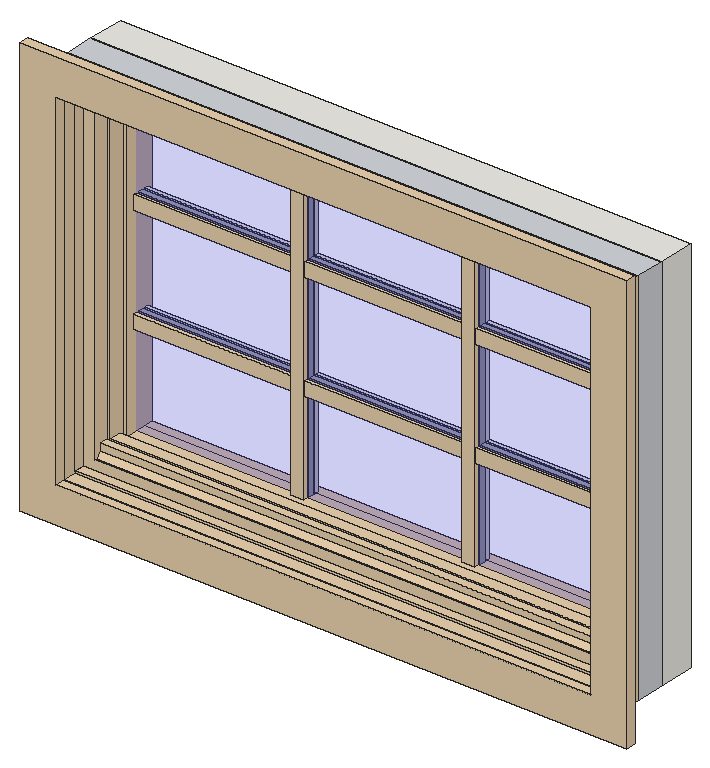
Revit family "1 Window-Awning-Andersen-400_Series_Single", category Windows, host Wall, Revit 2014
Parameters
  XPanelWidth = Width - 0' 0 31/32"  # 2' - 11 1/32"
  XPanelHeight = Height - 0' 1 1/8"  # 1' - 10 7/8"
  Visual Light Transmittance = 0.48  # constant formula
  Thermal Resistance (R) = 0.62871  # 3.5700 (h·ft²·°F)/BTU
  TFL = if(Fractional Lights High > 5, 3, if(or(Fractional Lights High = 4, Fractional Lights High = 5), 2, if(or(Fractional Lights High = 2, Fractional Lights High = 3), 1, 1)))  # 2
  TFB = TFL - 1  # 1
  Solar Heat Gain Coefficient = 0.21  # constant formula
  Learn About These Parameters = "http://www.andersenwindows.com/for-professionals/cad-symbols-bim-support-window-doors/bim-support"
  LWide = if(Enter Pattern Number = 3, 3, if(Enter Pattern Number = 1, . . Lights Wide, Fractional Lights Wide))  # 3
  Heat Transfer Coefficient (U) = 1.5899  # 0.2800 BTU/(h·ft²·°F)
  Handing Visibility = if(and(Width > 4' 11 7/8", Height > 2' 7 1/2"), 0 = 1, 1 = 1)  # yes
  Glazing Material = Glass ‐ Andersen - Low-E4 SmartSun
  Fractional Lights Wide = 3
  Fractional Lights High = 5
  Exterior Unit Finish = Vinyl - Andersen - White
  Enter Jamb Condition = 1
  Analytic Construction = "<None>"
  ..Jamb Condition Number 1 = "Extension Jamb Only"  # constant formula
  ..Jamb Condition Number 2 = "Narrow Drywall Return"  # constant formula
  ..Jamb Condition Number 3 = "Wide Drywall Return"  # constant formula
  Available Grille Bar Sizes = "3/4'', 7/8'', 1 1/8'', 2 1/4''"  # constant formula
  Between Glass Grille Bar Sizes = "3/4'', 1''"  # constant formula
  Interior Casing = yes
  Grille Bar Size = 0' - 0 7/8"
  Enter Pattern Number = 1
  ..Pattern Number 1 = "Colonial"  # constant formula
  . . Lights Wide = 3
  . . Lights High = 3
  ..Pattern Number 2 = "Modified Colonial"  # constant formula
  ..Pattern Number 3 = "Prairie"  # constant formula
  ..Pattern Number 4 = "Short Fractional"  # constant formula
  ..Pattern Number 5 = "Tall Fractional"  # constant formula
  Extension Jamb = yes
  Enter Exterior Trim Number = 0
  ..Exterior Trim Number 0 = "No Exterior Trim"  # constant formula
  ..Exterior Trim Number 1 = "Brick Mould"  # constant formula
  ..Exterior Trim Number 2 = "3 1/2'' Flat Casing"  # constant formula
  ..Exterior Trim Number 3 = "4 1/2'' Flat Casing"  # constant formula
  Interior Grille Bar = yes
  Exterior Grille Bar = yes
  Between Glass Grille Bar = yes
  xjamb Visibility [instance] = and(and(Enter Jamb Condition = 1, Wall Depth > 0' 2 7/8"), Extension Jamb)  # yes
  xjamb S1 [instance] = if(Wall Depth > 0' 3", Wall Depth - 0' 2 27/32", 0' 3")  # 0' - 1 23/32"
  sill nose1 = 0' - 1 13/16"  # constant formula
  sill nose 2 = 0' - 1 15/16"  # constant formula
  casingS2 = if(Enter Exterior Trim Number = 1, 0' 0 3/16", 0' 0 3/16")  # 0' - 0 3/16"
  casingS1 = if(Enter Exterior Trim Number = 1, 0' 0 7/16", 0' 0 3/16")  # 0' - 0 3/16"
  casing4 = if(Enter Exterior Trim Number = 1, 0' 1 3/4", if(Enter Exterior Trim Number = 2, 0' 3 1/4", 0' 4 1/4"))  # 0' - 4 1/4"
  casing3 = 0' - 0 1/2"  # constant formula
  casing2 = 0' - 0 7/8"  # constant formula
  casing1 = 0' - 0 1/4"  # constant formula
  Xjamb 2 = if(or(Enter Jamb Condition = 2, Enter Jamb Condition = 3), 0' 0 1/32", 0' 0 1/2")  # 0' - 0 1/2"
  Xjamb 1 = if(or(Enter Jamb Condition = 2, Enter Jamb Condition = 3), 0' 0 5/8", 0' 1 3/32")  # 0' - 1 3/32"
  Wall Thickness [instance] = 0' - 6"
  Wall Depth [instance] = 0' - 4 9/16"
  Void Offset 2 = if(Enter Exterior Trim Number > 0, 0' 1 15/16", 0' 0")  # 0' - 0"
  Void Offset 1 = if(Enter Exterior Trim Number > 0, casing4, 0' 0")  # 0' - 0"
  Void Depth [instance] = if(Wall Thickness > Wall Depth, 0' 1" + Wall Thickness - Wall Depth, 0' 1")  # 0' - 2 7/16"
  VeriLock Sensor [instance] = no
  VGB DLO = if(Enter Pattern Number = 3, 0' 4", (H DLO - (Grille Bar Size * (V Bars))) / if(LWide > 2, LWide, 3))  # 0' - 9.91667"
  V Bars = if(Enter Pattern Number = 3, 2, if(LWide > 2, LWide - 1, 2))  # 2
  URL = "www.andersenwindows.com"
  Type Comments = "Vinyl-clad wood awning window"
  TS V DLO = Height - HGO - SGO  # 1' - 7 3/8"
  TS V Bar Length = if(or(Enter Pattern Number = 5, Enter Pattern Number = 2), ((((Height - HGO - SGO - (Grille Bar Size * (Fractional Lights High - 1))) / Fractional Lights High)) * TFL) + (TFB * Grille Bar Size), if(Enter Pattern Number = 4, ((Height - HGO - SGO - (Grille Bar Size * (Fractional Lights High - 1))) / Fractional Lights High), Height - HGO - SGO))  # 1' - 7 3/8"
  TS SH DLO = if(or(Enter Pattern Number = 5, Enter Pattern Number = 2), ((((Height - HGO - SGO - (Grille Bar Size * (Fractional Lights High - 1))) / Fractional Lights High)) * TFL) + (TFB * Grille Bar Size) + HGO + (Grille Bar Size / 2), if(Enter Pattern Number = 4, TS V Bar Length + HGO + (Grille Bar Size / 2), (TS V DLO / 2) + HGO))  # 1' - 0 1/16"
  TS S V = or(and(LWide = 2, Enter Pattern Number = 1), and(Fractional Lights Wide = 2, or(or(Enter Pattern Number = 2, Enter Pattern Number = 4), Enter Pattern Number = 5)))  # no
  TS S H Craftsman = and(Enter Pattern Number = 2, or(Fractional Lights High = 4, Fractional Lights High = 5))  # no
  TS S H = or(or(or(and(. . Lights High = 2, Enter Pattern Number = 1), and(Enter Pattern Number = 4, Fractional Lights High > 1)), and(Enter Pattern Number = 5, Fractional Lights High > 1)), and(Enter Pattern Number = 2, Fractional Lights High > 1))  # no
  TS M V = LWide > 2  # yes
  TS M H = or(or(Enter Pattern Number = 3, and(. . Lights High > 2, Enter Pattern Number = 1)), and(Enter Pattern Number = 2, Fractional Lights High > 5))  # yes
  TS HGB DLO = if(Enter Pattern Number = 1, if(. . Lights High > 2, ((TS V Bar Length - (Grille Bar Size * (. . Lights High - 1))) / . . Lights High), 0' 4"), if(Enter Pattern Number = 3, 0' 4", if(Fractional Lights High > 2, ((TS V Bar Length - (Grille Bar Size * 2)) / 3), 0' 4")))  # 0' - 5 7/8"
  TS H Bars = if(Enter Pattern Number = 3, 2, if(Enter Pattern Number = 1, if(. . Lights High > 2, . . Lights High - 1, 2), 2))  # 2
  Step Visibility = or(Enter Jamb Condition = 2, Enter Jamb Condition = 3)  # no
  Step Jamb2 = if(Enter Jamb Condition = 2, 0' 0 1/4", 0' 0 13/16")  # 0' - 0 13/16"
  Step Jamb1 = 0' - 1 1/8"  # constant formula
  Sill Stop Dim [instance] = 0' - 2 1/2"
  SGO = 0' - 2 1/4"  # constant formula
  Rough Width = Width + (Rough Opening Offset * 2)  # 3' - 0 1/2"
  Rough Opening Offset = 0' - 0 1/4"
  Rough Height = Height + (Rough Opening Offset * 2)  # 2' - 0 1/2"
  Push Out Stop Visibility [instance] = no
  Product Documentation Link = "https://www.andersenwindows.com/windows-and-doors/windows/awning-windows/400-series-awning-window/"
  Plan Exterior Mask Visibility [instance] = Plan Exterior Mask 2 > 0' 0 1/32"  # yes
  Plan Exterior Mask 2 [instance] = if(Enter Exterior Trim Number > 0, if(Wall Depth + 0' 1 1/16" + casingS1 > Wall Thickness, 0' 0 1/32", Wall Thickness - Wall Depth - 0' 1 1/16" - casingS1), if(Wall Depth + 0' 1 1/16" > Wall Thickness, 0' 0 1/32", Wall Thickness - Wall Depth - 0' 0 1/16"))  # 0' - 1 3/8"
  Plan Exterior Mask [instance] = if(Enter Exterior Trim Number > 0, 0' 1 1/16" + casingS1, 0' 1 1/16")  # 0' - 1 1/16"
  Nail Fin Visibility = Enter Exterior Trim Number = 0  # yes
  Model = "400-Series Awning"  # constant formula
  Masonry Width = if(Enter Exterior Trim Number > 0, Width + ((casing4 + Masonry Opening Offset) * 2), Width + (Masonry Opening Offset * 2))  # 3' - 0 1/2"
  Masonry Opening Offset = 0' - 0 1/4"
  Masonry Height = if(Enter Exterior Trim Number > 0, Height + (casing4 + Masonry Opening Offset) + (sill nose 2 + Masonry Opening Offset), Height + (Masonry Opening Offset * 2))  # 2' - 0 1/2"
  Manufacturer = "Andersen Corporation"  # constant formula
  JGO = 0' - 2 1/4"  # constant formula
  Interior Trim Visibility = and(Enter Jamb Condition = 1, Interior Casing)  # yes
  Interior Material = Wood - Andersen - Pine
  Interior Casing Size = 0' - 2 1/4"
  Horizontal Craftsman Bar Size = 0' - 0 7/8"
  Height = 2' - 0"
  Head Stop Dim [instance] = 0' - 2 17/64"
  HGO = 0' - 2 3/8"  # constant formula
  H DLO = Width - (JGO * 2)  # 2' - 7 1/2"
  Family Version = "01.01.19"  # constant formula
  Exterior Trim Finish = Fibrex Composite - Andersen - White
  Designation = "CMT"
  Description = "Vinyl-clad wood awning window"  # constant formula
  Default Sill Height = 6' 10 1/2" - Rough Height  # 4' - 10"
  Wall Closure = By host
  Width = 3' - 0"
  Crank Out Stop Visibility [instance] = yes
  Coarse Plan [instance] = if(Wall Depth < Wall Thickness, Wall Depth, Wall Thickness)  # 0' - 4 9/16"
  Casing Visibility = Enter Exterior Trim Number > 0  # no
  Between Glass Grille Bar Finish = Stainless Steel - Andersen - Standard
  Bar Center Line = if(Enter Pattern Number = 3, 1, 2)  # 2
  Assembly Code = "B2020100"
Reference planes (in)
  plane 1 "Center (Front/Back)": y = 0
  plane 2: z = 0
  plane 3 "Center (Left/Right)": x = 0
  plane 4 "R Frame": x = -18
  plane 5 "L Frame": x = 18
  plane 6 "B Frame": z = 58.25
  plane 7 "T Frame": z = 82.25
  plane 8 "L Glazing": x = 15.75
  plane 9 "L Ext Frame": x = 17.514
  plane 10 "L Stop": x = 16
  plane 11 "L Xjamb 1": x = 16.90625
  plane 12 "L Casing 1": x = 17.75
  plane 13 "L Xjamb 2": x = 17.5
  plane 14 "L Rough Opening": x = 18.25
  plane 15 "L Casing 2": x = 21.375
  plane 16 "L Casing 3": x = 21.75
  plane 17 "L Casing 4": x = 22.25
  plane 18 "R Glazing": x = -15.75
  plane 19 "R Ext Frame": x = -17.514
  plane 20 "R Stop": x = -16
  plane 21 "R Xjamb 1": x = -16.90625
  plane 22 "R Casing 1": x = -17.75
  plane 23 "R Xjamb 2": x = -17.5
  plane 24 "R Rough Opening": x = -18.25
  plane 25 "R Casing 2": x = -21.375
  plane 26 "R Casing 3": x = -21.75
  plane 27 "R Casing 4": x = -22.25
  plane 28 "R Int Casing": x = -19.15625
  plane 29 "T Ext Frame": z = 81.68689
  plane 30 "T Xjamb 1": z = 81.15625
  plane 31 "T Casing 1": z = 82
  plane 32 "T Xjamb 2": z = 81.75
  plane 33 "T Rough Opening": z = 82.5
  plane 34 "T Casing 2": z = 85.625
  plane 35 "T Casing 3": z = 86
  plane 36 "T Casing 4": z = 86.5
  plane 37 "T Int Casing": z = 83.40625
  plane 38 "B Ext Frame": z = 58.81311
  plane 39 "B Xjamb 2": z = 58.75
  plane 40 "B Casing 1": z = 58.5
  plane 41 "B Casing 2": z = 56.3125
  plane 42 "B Int Casing": z = 56.985
  plane 43 "L Int Casing": x = 19.15625
  plane 44 "Casing S1": y = 3.062
  plane 45 "Casing S2": y = 3.062
  plane 46 "Frame S1": y = 2.8745
  plane 47 "Flange": y = 1.5625
  plane 48 "Sash1 S2": y = 0.5625
  plane 49 "Frame S2": y = -1.2855
  plane 50 "B Xjamb 1": z = 59.235
  plane 51 "Exterior Offset": y = 4
  plane 52 "Interior Casing": y = -3.625
  plane 53 "B Rough Opening": z = 58
  plane 54 "R Masonry Opening": x = -22.5
  plane 55 "L Masonry Opening": x = 22.5
  plane 56 "T Masonry Opening": z = 86.75
  plane 57 "B Masonry Opening": z = 56.0625
  plane 58 "Xjamb S1": y = -1.28125
  plane 59 "R Sash": x = -17.42
  plane 60 "L Sash": x = 17.42
  plane 61 "Stop S1": y = -1.4375
  plane 62 "T Sash": z = 81.5
  plane 63 "T Int Frame": z = 81.14
  plane 64 "B Int Frame": z = 59.235
  plane 65 "L Int Frame": x = 16.891
  plane 66 "R Int Frame": x = -16.891
  plane 67 "T Stop": z = 79.98437
  plane 68 "B Stop": z = 60.75
Forms (in)
  Extrusion 1, void
    sketch origin (0, 0, 0) x (1, 0, 0) y (0, 0, 1)
      loop
        line (18, 82.25) -> (-18, 82.25) -> (-18, 58.25) -> (18, 58.25) -> (18, 82.25)
    from -1.5625 to 3
  Extrusion 2, void
    sketch origin (0, 0, 0) x (1, 0, 0) y (0, 0, 1)
      loop
        line (18, 82.25) -> (-18, 82.25) -> (-18, 58.25) -> (18, 58.25) -> (18, 82.25)
    from -15 to -1.5625
  Extrusion 3, solid, material "Wood - Andersen - Pine" <- "Interior Material", visible <- "xjamb Visibility", detail levels medium+fine
    sketch origin (0, -2.5625, 0) x (-1, 0, 0) y (0, 0, 1)
      loop
        line (17.5, 81.75) -> (-17.5, 81.75) -> (-17.5, 58.75) -> (17.5, 58.75) -> (17.5, 81.75)
      loop
        line (16.90625, 81.15625) -> (-16.90625, 81.15625) -> (-16.90625, 59.235) -> (16.90625, 59.235) -> (16.90625, 81.15625)
    from 1.28125 to -0.4375
  Extrusion 4, solid, material "Wood - Andersen - Pine" <- "Interior Material", visible <- "Interior Trim Visibility", detail levels fine
    sketch origin (0, -3.625, 0) x (-1, 0, 0) y (0, 0, 1)
      loop
        line (19.15625, 83.40625) -> (-19.15625, 83.40625) -> (-19.15625, 56.985) -> (19.15625, 56.985) -> (19.15625, 83.40625)
      loop
        line (16.90625, 81.15625) -> (-16.90625, 81.15625) -> (-16.90625, 59.235) -> (16.90625, 59.235) -> (16.90625, 81.15625)
    from 0 to 0.625
  Extrusion 5, solid, material "Fibrex Composite - Andersen - White" <- "Exterior Trim Finish", visible <- "Casing Visibility", detail levels medium+fine
    sketch origin (0, 0, 0) x (0, 1, 0) y (0, 0, 1)
      loop
        line (2.31163, 58.25) -> (1.5625, 58.25) -> (1.5625, 56.3125) -> (3.375, 56.3125) -> (3.375, 58.0625) -> (2.31163, 58.25)
    from -22.25 to 22.25
  Sweep 6, solid, material "Fibrex Composite - Andersen - White" <- "Exterior Trim Finish", visible <- "Casing Visibility", detail levels medium+fine
    path origin (0, 1.5625, 0) x (-1, 0, 0) y (0, 0, 1)
      loop
        line (-22.25, 56.3125) -> (-22.25, 86.5) -> (22.25, 86.5) -> (22.25, 56.3125)
    profile origin (22.25, 1.5625, 71.40625) x (1, 0, 0) y (0, 1, 0)
      loop
        line (-0.875, 1.4995) -> (-4.5, 1.4995) -> (-4.5, 0) -> (0, 0) -> (0, 1.4995) -> (-0.5, 1.4995) -> (-0.875, 1.4995)
  Extrusion 7, solid, material "Fibrex Composite - Andersen - White" <- "Exterior Trim Finish", visible <- "Casing Visibility", detail levels coarse
    sketch origin (0, 1.5625, 0) x (-1, 0, 0) y (0, 0, 1)
      loop
        line (-22.25, 86.5) -> (-22.25, 56.3125) -> (22.25, 56.3125) -> (22.25, 86.5) -> (-22.25, 86.5)
      loop
        line (-17.75, 82) -> (-17.75, 58.25) -> (17.75, 58.25) -> (17.75, 82) -> (-17.75, 82)
    from 0 to 1.4995
  Extrusion 8, solid, material "Vinyl - Andersen - White" <- "Exterior Unit Finish"
    sketch origin (0, 0, 0) x (1, 0, 0) y (0, 0, 1)
      loop
        line (18, 82.25) -> (-18, 82.25) -> (-18, 58.25) -> (18, 58.25) -> (18, 82.25)
      loop
        line (17.514, 81.68689) -> (-17.514, 81.68689) -> (-17.514, 58.81311) -> (17.514, 58.81311) -> (17.514, 81.68689)
    from -2.8745 to -0.5625
  Extrusion 9, solid
    sketch origin (0, 0, 0) x (1, 0, 0) y (0, 0, 1)
      loop
        line (18, 82.25) -> (-18, 82.25) -> (-18, 58.25) -> (18, 58.25) -> (18, 82.25)
      loop
        line (16.891, 81.14) -> (-16.891, 81.14) -> (-16.891, 59.235) -> (16.891, 59.235) -> (16.891, 81.14)
    from -0.5625 to 1.2855
  Extrusion 10, solid, material "Wood - Andersen - Pine" <- "Interior Material"
    sketch origin (0, 0, 0) x (0, 1, 0) y (0, 0, 1)
      loop
        line (-0.4375, 60.75) -> (-0.4375, 60.673) -> (-1.00544, 60.673) -> (-1.00544, 60.26216) -> (-1.2885, 59.922) -> (-1.4375, 59.922) -> (-1.4375, 59.235) -> (0.5625, 59.235) -> (0.5625, 60.47) -> (0.2955, 60.75) -> (-0.4375, 60.75)
    from -16.891 to 16.891
  Extrusion 11, solid, material "Wood - Andersen - Pine" <- "Interior Material"
    sketch origin (0, 0, 0) x (1, 0, 0) y (0, 1, 0)
      loop
        line (-16.891, -1.4375) -> (-16.188, -1.4375) -> (-16.188, -0.4375) -> (-16, -0.4375) -> (-16, 0.5625) -> (-16.891, 0.5625) -> (-16.891, -1.4375)
      loop
        line (16.891, -1.4375) -> (16.891, 0.5625) -> (16, 0.5625) -> (16, -0.4375) -> (16.188, -0.4375) -> (16.188, -1.4375) -> (16.891, -1.4375)
    from 59.235 to 81.14
  Sweep 12, solid, material "Wood - Andersen - Pine" <- "Interior Material"
    path origin (0, 1.5625, 0) x (-1, 0, 0) y (0, 0, 1)
      loop
        line (18, 58.25) -> (18, 82.25) -> (-18, 82.25) -> (-18, 58.25) -> (18, 58.25)
    profile origin (-18, 1.5625, 70.25) x (1, 0, 0) y (0, 1, 0)
      loop
        line (0, -2.848) -> (0, -3.6605) -> (1.09375, -3.6605) -> (1.09375, -2.848) -> (0, -2.848)
  Extrusion 13, solid, material "Wood - Andersen - Pine" <- "Interior Material"
    sketch origin (0, 0, 0) x (0, 1, 0) y (0, 0, 1)
      loop
        line (-1.4375, 81.14) -> (-1.4375, 80.345) -> (-0.4375, 80.345) -> (-0.4375, 79.98437) -> (0.5625, 79.98437) -> (0.5625, 81.14) -> (-1.4375, 81.14)
    from -16.891 to 16.891
Cuts and joins
  joined: Extrusion 5, Sweep 6
  joined: Extrusion 10, Extrusion 11, Sweep 12, Extrusion 13
Lines and regions (in)
  Masking region 1, detail levels medium+fine
    outline origin (0, 0, 58.81311) x (0, -1, 0) y (1, 0, 0)
      loop
        line (-2.8745, -18) -> (1.2855, -18) -> (1.2855, -16.891) -> (1.4375, -16.891) -> (1.4375, 16.891) -> (1.2855, 16.891) -> (1.2855, 18) -> (-2.8745, 18) -> (-2.8745, -18)
  Masking region 2, visible <- "Casing Visibility", detail levels medium+fine
    outline origin (0, 0, 58.25) x (0, -1, 0) y (1, 0, 0)
      loop
        line (-2.8745, -18) -> (-2.8745, 18) -> (-1.5625, 18) -> (-1.5625, 22.25) -> (-3.062, 22.25) -> (-3.062, -22.25) -> (-1.5625, -22.25) -> (-1.5625, -18) -> (-2.8745, -18)
  Masking region 3, visible <- "Nail Fin Visibility", detail levels coarse
    outline origin (0, 0, 58.25) x (0, -1, 0) y (1, 0, 0)
      loop
        line (-4, -18) -> (3, -18) -> (3, 18) -> (-4, 18) -> (-4, -18)
  Masking region 4
    outline origin (0, 0, 0) x (0, 1, 0) y (0, 0, 1)
      loop
        line (2.8745, 82.25) -> (-1.2855, 82.25) -> (-1.2855, 81.14) -> (-1.4375, 81.14) -> (-1.4375, 59.235) -> (-1.2855, 59.235) -> (-1.2855, 58.25) -> (2.8745, 58.25) -> (2.8745, 82.25)
  Masking region 5, visible <- "Casing Visibility"
    outline origin (0, 0, 0) x (0, 1, 0) y (0, 0, 1)
      loop
        line (2.8745, 58.15075) -> (2.8745, 58.25) -> (1.5625, 58.25) -> (1.5625, 56.3125) -> (3.375, 56.3125) -> (3.375, 58.0625) -> (2.8745, 58.15075)
  Masking region 6, visible <- "Casing Visibility"
    outline origin (0, 0, 0) x (0, 1, 0) y (0, 0, 1)
      loop
        line (2.8745, 82.25) -> (2.8745, 58.15075) -> (3.062, 58.11769) -> (3.062, 86.5) -> (1.5625, 86.5) -> (1.5625, 82.25) -> (2.8745, 82.25)
  Masking region 7, visible <- "Casing Visibility", detail levels coarse
    outline origin (0, 0, 58.25) x (0, -1, 0) y (1, 0, 0)
      loop
        line (-4, -22.25) -> (-1.5625, -22.25) -> (-1.5625, -18) -> (3, -18) -> (3, 18) -> (-1.5625, 18) -> (-1.5625, 22.25) -> (-4, 22.25) -> (-4, -22.25)
  Masking region 8, visible <- "Step Visibility", detail levels medium+fine
    outline origin (0, 0, 0) x (0, 1, 0) y (0, 0, 1)
      loop
        line (-1.28125, 82.25) -> (-2.098, 82.25) -> (-2.098, 58.25) -> (-1.28125, 58.25) -> (-1.28125, 59.235) -> (-1.4375, 59.235) -> (-1.4375, 81.14) -> (-1.28125, 81.14) -> (-1.28125, 82.25)
  Masking region 9, visible <- "xjamb Visibility", detail levels medium+fine
    outline origin (0, 0, 0) x (0, 1, 0) y (0, 0, 1)
      loop
        line (-1.28125, 81.75) -> (-3, 81.75) -> (-3, 58.75) -> (-1.28125, 58.75) -> (-1.28125, 59.235) -> (-1.4375, 59.235) -> (-1.4375, 81.14) -> (-1.28125, 81.14) -> (-1.28125, 81.75)
  Masking region 10, visible <- "Interior Trim Visibility", detail levels fine
    outline origin (0, 0, 0) x (0, 1, 0) y (0, 0, 1)
      loop
        line (-3, 83.40625) -> (-3.625, 83.40625) -> (-3.625, 56.985) -> (-3, 56.985) -> (-3, 83.40625)
  Masking region 11, visible <- "Step Visibility", detail levels medium+fine
    outline origin (0, 0, 58.25) x (0, -1, 0) y (1, 0, 0)
      loop
        line (1.28125, -18) -> (2.098, -18) -> (2.098, 18) -> (1.28125, 18) -> (1.28125, 16.891) -> (1.4375, 16.891) -> (1.4375, -16.891) -> (1.28125, -16.891) -> (1.28125, -18)
  Masking region 12, visible <- "xjamb Visibility", detail levels medium+fine
    outline origin (0, 0, 58.25) x (0, -1, 0) y (1, 0, 0)
      loop
        line (1.28125, -17.5) -> (3, -17.5) -> (3, 17.5) -> (1.28125, 17.5) -> (1.28125, 16.891) -> (1.4375, 16.891) -> (1.4375, -16.891) -> (1.28125, -16.891) -> (1.28125, -17.5)
  Masking region 13, visible <- "Interior Trim Visibility", detail levels fine
    outline origin (0, 0, 58.25) x (0, -1, 0) y (1, 0, 0)
      loop
        line (3, -19.15625) -> (3.625, -19.15625) -> (3.625, 19.15625) -> (3, 19.15625) -> (3, -19.15625)
  symbolic lines, style "WindowsFrameMullionProjection", visible <- "Casing Visibility", detail levels fine
    curve 1: line (21.75, 3.062, 58.25) -> (21.375, 3.062, 58.25)
    curve 2: line (21.375, 3.062, 58.25) -> (17.75, 3.062, 58.25)
    curve 3: line (17.75, 3.062, 58.25) -> (17.75, 2.8745, 58.25)
    curve 4: line (-21.75, 3.062, 58.25) -> (-21.375, 3.062, 58.25)
    curve 5: line (-21.375, 3.062, 58.25) -> (-17.75, 3.062, 58.25)
    curve 6: line (-17.75, 3.062, 58.25) -> (-17.75, 2.8745, 58.25)
  symbolic lines, style "WindowsFrameMullionProjection", detail levels medium
    curve 7: line (-17.514, 2.8745, 58.25) -> (-17.514, 0.5625, 58.25)
    curve 8: line (17.514, 2.8745, 58.25) -> (17.514, 0.5625, 58.25)
    curve 66: line (17.514, 0.5625, 0) -> (16, 0.5625, 0)
    curve 67: line (16, 0.5625, 0) -> (16, -1.4375, 0)
    curve 68: line (-17.514, 0.5625, 0) -> (-16, 0.5625, 0)
    curve 69: line (-16, 0.5625, 0) -> (-16, -1.4375, 0)
  symbolic lines, style "WindowsFrameMullionProjection", detail levels coarse
    curve 9: line (-16, -3, 58.25) -> (-16, 4, 58.25)
    curve 10: line (16, -3, 58.25) -> (16, 4, 58.25)
  symbolic lines, style "WindowsGlassProjection", detail levels coarse
    curve 11: line (-16, 0, 58.25) -> (16, 0, 58.25)
    curve 12: line (-16, 1, 58.25) -> (16, 1, 58.25)
  symbolic lines, style "WindowsFrameMullionProjection", visible <- "Casing Visibility"
    curve 13: line (0, 3.062, 86) -> (0, 3.062, 85.625)
    curve 14: line (0, 3.062, 85.625) -> (0, 3.062, 82)
    curve 15: line (0, 3.062, 82) -> (0, 2.8745, 82)
    curve 184: line (-22.25, 3.062, 58.25) -> (-22.25, 1.5625, 58.25)
    curve 186: line (22.25, 3.062, 58.25) -> (22.25, 1.5625, 58.25)
    curve 188: line (0, 3.062, 86.5) -> (0, 1.5625, 86.5)
    curve 190: line (0, 3.062, 56.3125) -> (0, 1.5625, 56.3125)
  symbolic lines, style "WindowsFrameMullionProjection", visible <- "Casing Visibility", detail levels medium
    curve 16: line (-18, 2.8745, 58.25) -> (-18, 3.062, 58.25)
    curve 17: line (18, 3.062, 58.25) -> (18, 2.8745, 58.25)
  symbolic lines, style "WindowsFrameMullionProjection", visible <- "Nail Fin Visibility", detail levels medium+fine
    curve 18: line (-18, 1.5625, 0) -> (-19.5, 1.5625, 0)
    curve 50: line (18, 1.5625, 0) -> (19.5, 1.5625, 0)
  symbolic lines, style "WindowsFrameMullionProjection", detail levels fine
    curve 19: line (-16.891, -1.4375, 0) -> (-16.891, 1.0895, 0)
    curve 20: line (-16, 0.5625, 0) -> (-16, -0.505, 0)
    curve 21: line (-17.19253, 1.0895, 0) -> (-17.31813, 1.9375, 0)
    curve 22: line (-17.03384, 1.3805, 0) -> (-17.03384, 2.0625, 0)
    curve 23: line (-17.34196, 2.0625, 0) -> (-17.42, 2.3755, 0)
    curve 24: line (-17.42, 2.3755, 0) -> (-17.42, 2.5625, 0)
    curve 25: line (-17.42, 2.5625, 0) -> (-16.42814, 2.5625, 0)
    curve 28: line (-16, 0.5625, 0) -> (-15.75, 1.2845, 0)
    curve 40: line (-16.375, 2.3125, 0) -> (-16.375, 1.2845, 0)
    curve 41: line (-16.01883, 2.3125, 0) -> (-15.75, 1.9105, 0)
    curve 46: line (-15.87475, 1.3805, 0) -> (-15.87475, 1.8145, 0)
    curve 51: line (16.891, -1.4375, 0) -> (16.891, 1.0895, 0)
    curve 52: line (16, 0.5625, 0) -> (16, -0.505, 0)
    curve 53: line (17.19253, 1.0895, 0) -> (17.31813, 1.9375, 0)
    curve 54: line (17.03384, 1.3805, 0) -> (17.03384, 2.0625, 0)
    curve 55: line (17.34196, 2.0625, 0) -> (17.42, 2.3755, 0)
    curve 56: line (17.42, 2.3755, 0) -> (17.42, 2.5625, 0)
    curve 57: line (17.42, 2.5625, 0) -> (16.42814, 2.5625, 0)
    curve 60: line (16, 0.5625, 0) -> (15.75, 1.2845, 0)
    curve 61: line (16.375, 2.3125, 0) -> (16.375, 1.2845, 0)
    curve 62: line (16.01883, 2.3125, 0) -> (15.75, 1.9105, 0)
    curve 65: line (15.87475, 1.3805, 0) -> (15.87475, 1.8145, 0)
    curve 84: line (0, 1.8145, 80.01044) -> (0, 1.3805, 80.01044)
    curve 90: line (-16, -0.505, 0) -> (-16.36, -0.505, 0)
    curve 91: line (-16.36, -0.505, 0) -> (-16.36, -1.4375, 0)
    curve 94: line (16, -0.505, 0) -> (16.36, -0.505, 0)
    curve 95: line (16.36, -0.505, 0) -> (16.36, -1.4375, 0)
    curve 109: line (-17.45476, 1.9375, 0) -> (-17.514, 2.3375, 0)
    curve 110: line (-17.31813, 1.9375, 0) -> (-17.45476, 1.9375, 0)
    curve 111: line (-16.6, 0.5625, 0) -> (-16.775, 1.3805, 0)
    curve 112: line (-16.375, 2.3125, 0) -> (-16.01883, 2.3125, 0)
    curve 113: line (-17.34196, 2.0625, 0) -> (-17.03384, 2.0625, 0)
    curve 114: line (-17.03384, 1.3805, 0) -> (-16.775, 1.3805, 0)
    curve 115: line (-16.891, 0.5625, 0) -> (-16, 0.5625, 0)
    curve 116: line (-17.19253, 1.0895, 0) -> (-16.891, 1.0895, 0)
    curve 125: line (17.45476, 1.9375, 0) -> (17.514, 2.3375, 0)
    curve 126: line (17.31813, 1.9375, 0) -> (17.45476, 1.9375, 0)
    curve 127: line (16.6, 0.5625, 0) -> (16.775, 1.3805, 0)
    curve 128: line (16.375, 2.3125, 0) -> (16.01883, 2.3125, 0)
    curve 129: line (17.34196, 2.0625, 0) -> (17.03384, 2.0625, 0)
    curve 130: line (17.03384, 1.3805, 0) -> (16.775, 1.3805, 0)
    curve 131: line (16.891, 0.5625, 0) -> (16, 0.5625, 0)
    curve 132: line (17.19253, 1.0895, 0) -> (16.891, 1.0895, 0)
    curve 133: line (-17.514, 2.3375, 0) -> (-17.514, 2.8745, 0)
    curve 135: line (17.514, 2.3375, 0) -> (17.514, 2.8745, 0)
    curve 136: line (-16.42814, 2.5625, 0) -> (-16.375, 2.3125, 0)
    curve 138: line (16.42814, 2.5625, 0) -> (16.375, 2.3125, 0)
    curve 163: line (0, 1.8145, 60.36456) -> (0, 1.3805, 60.36456)
  symbolic lines, style "WindowsGlassProjection", detail levels fine
    curve 26: line (-15.75, 1.9105, 0) -> (-16.375, 1.9105, 0)
    curve 27: line (-15.75, 1.2845, 0) -> (-16.375, 1.2845, 0)
    curve 44: line (-15.75, 1.8145, 0) -> (-16.375, 1.8145, 0)
    curve 45: line (-15.75, 1.3805, 0) -> (-16.375, 1.3805, 0)
    curve 58: line (15.75, 1.9105, 0) -> (16.375, 1.9105, 0)
    curve 59: line (15.75, 1.2845, 0) -> (16.375, 1.2845, 0)
    curve 63: line (15.75, 1.8145, 0) -> (16.375, 1.8145, 0)
    curve 64: line (15.75, 1.3805, 0) -> (16.375, 1.3805, 0)
    curve 82: line (0, 1.8145, 80.364) -> (0, 1.8145, 79.875)
    curve 83: line (0, 1.3805, 80.364) -> (0, 1.3805, 79.875)
    curve 161: line (0, 1.8145, 60.011) -> (0, 1.8145, 60.5)
    curve 162: line (0, 1.3805, 60.011) -> (0, 1.3805, 60.5)
  symbolic lines, style "WindowsFrameMullionProjection", visible <- "Nail Fin Visibility", not visible, detail levels medium+fine
    curve 29: line (-35.18862, 120.69666, 0) -> (-36.68862, 120.69666, 0)
  symbolic lines, style "WindowsFrameMullionProjection", not visible, detail levels fine
    curve 30: line (-34.07962, 117.69666, 0) -> (-34.07962, 120.22366, 0)
    curve 31: line (-33.18862, 119.69666, 0) -> (-33.18862, 118.62916, 0)
    curve 32: line (-34.38115, 120.22366, 0) -> (-34.50674, 121.07166, 0)
    curve 33: line (-34.22246, 120.51466, 0) -> (-34.22246, 121.19666, 0)
    curve 34: line (-34.53058, 121.19666, 0) -> (-34.60862, 121.50966, 0)
    curve 35: line (-34.60862, 121.50966, 0) -> (-34.60862, 121.69666, 0)
    curve 36: line (-34.60862, 121.69666, 0) -> (-33.61676, 121.69666, 0)
    curve 39: line (-33.18862, 119.69666, 0) -> (-32.93862, 120.41866, 0)
    curve 42: line (-33.56362, 121.44666, 0) -> (-33.56362, 120.41866, 0)
    curve 43: line (-33.20744, 121.44666, 0) -> (-32.93862, 121.04466, 0)
    curve 49: line (-33.06337, 120.51466, 0) -> (-33.06337, 120.94866, 0)
    curve 92: line (-33.18862, 118.62916, 0) -> (-33.54862, 118.62916, 0)
    curve 93: line (-33.54862, 118.62916, 0) -> (-33.54862, 117.69666, 0)
    curve 117: line (-34.64338, 121.07166, 0) -> (-34.70262, 121.47166, 0)
    curve 118: line (-34.50674, 121.07166, 0) -> (-34.64338, 121.07166, 0)
    curve 119: line (-33.78862, 119.69666, 0) -> (-33.96362, 120.51466, 0)
    curve 120: line (-33.56362, 121.44666, 0) -> (-33.20744, 121.44666, 0)
    curve 121: line (-34.53058, 121.19666, 0) -> (-34.22246, 121.19666, 0)
    curve 122: line (-34.22246, 120.51466, 0) -> (-33.96362, 120.51466, 0)
    curve 123: line (-34.07962, 119.69666, 0) -> (-33.18862, 119.69666, 0)
    curve 124: line (-34.38115, 120.22366, 0) -> (-34.07962, 120.22366, 0)
    curve 134: line (-34.70262, 121.47166, 0) -> (-34.70262, 122.00866, 0)
    curve 137: line (-33.61676, 121.69666, 0) -> (-33.56362, 121.44666, 0)
    curve 207: line (0, 1.8145, 48.36456) -> (0, 1.3805, 48.36456)
    curve 242: line (0, 1.8145, 80.01044) -> (0, 1.3805, 80.01044)
  symbolic lines, style "WindowsGlassProjection", not visible, detail levels fine
    curve 37: line (-32.93862, 121.04466, 0) -> (-33.56362, 121.04466, 0)
    curve 38: line (-32.93862, 120.41866, 0) -> (-33.56362, 120.41866, 0)
    curve 47: line (-32.93862, 120.94866, 0) -> (-33.56362, 120.94866, 0)
    curve 48: line (-32.93862, 120.51466, 0) -> (-33.56362, 120.51466, 0)
    curve 205: line (0, 1.8145, 48.011) -> (0, 1.8145, 48.5)
    curve 206: line (0, 1.3805, 48.011) -> (0, 1.3805, 48.5)
    curve 240: line (0, 1.8145, 80.364) -> (0, 1.8145, 79.875)
    curve 241: line (0, 1.3805, 80.364) -> (0, 1.3805, 79.875)
  symbolic lines, style "WindowsFrameMullionProjection"
    curve 70: line (0, 1.1115, 81.597) -> (0, 2.63553, 81.597)
    curve 71: line (0, 1.1115, 80.89) -> (0, 1.1115, 81.597)
    curve 72: line (0, -1.4375, 81.14) -> (0, -1.0925, 81.14)
    curve 73: line (0, 0.5625, 79.984) -> (0, -0.4375, 79.984)
    curve 74: line (0, 2.0625, 81.064) -> (0, 1.2185, 81.064)
    curve 75: line (0, 0.5625, 80.89) -> (0, 0.5625, 79.984)
    curve 76: line (0, 1.2845, 80.364) -> (0, 2.2815, 80.364)
    curve 78: line (0, 2.5625, 80.417) -> (0, 2.5625, 81.501)
    curve 79: line (0, 2.5625, 81.501) -> (0, 2.3755, 81.501)
    curve 80: line (0, 2.0625, 81.345) -> (0, 2.0625, 81.064)
    curve 81: line (0, 1.2845, 79.875) -> (0, 0.5625, 80.065)
    curve 85: line (0, 2.2815, 80.364) -> (0, 2.2815, 80.13145)
    curve 86: line (0, 2.2815, 80.13145) -> (0, 1.9105, 79.8812)
    curve 139: line (0, 2.5625, 80.417) -> (0, 2.2815, 80.364)
    curve 140: line (0, 2.3755, 81.501) -> (0, 2.0625, 81.345)
    curve 141: line (0, 1.2185, 81.064) -> (0, 1.2185, 80.8018)
    curve 142: line (0, 1.2185, 80.8018) -> (0, 0.5625, 80.673)
    curve 143: line (0, 2.63553, 81.68689) -> (0, 2.8745, 81.68689)
    curve 144: line (0, 2.63553, 81.68689) -> (0, 2.63553, 81.597)
    curve 145: line (0, 1.1115, 80.89) -> (0, -1.0925, 80.89)
    curve 146: line (0, -1.0925, 81.14) -> (0, -1.0925, 80.89)
    curve 147: line (0, -0.4375, 80.345) -> (0, -0.4375, 79.984)
    curve 148: line (0, -0.4375, 80.345) -> (0, -1.4375, 80.345)
    curve 149: line (0, 1.1115, 58.778) -> (0, 2.63553, 58.778)
    curve 150: line (0, 1.1115, 59.485) -> (0, 1.1115, 58.778)
    curve 151: line (0, -1.4375, 59.235) -> (0, -1.0925, 59.235)
    curve 152: line (0, -1.00544, 60.673) -> (0, -1.00544, 60.26216)
    curve 153: line (0, 2.0625, 59.311) -> (0, 1.2185, 59.311)
    curve 154: line (0, 0.5625, 59.702) -> (0, 0.5625, 60.47)
    curve 155: line (0, 1.2845, 60.011) -> (0, 2.2815, 60.011)
    curve 157: line (0, 2.5625, 59.958) -> (0, 2.5625, 58.874)
    curve 158: line (0, 2.5625, 58.874) -> (0, 2.3755, 58.874)
    curve 159: line (0, 2.0625, 59.03) -> (0, 2.0625, 59.311)
    curve 160: line (0, 1.2845, 60.5) -> (0, 0.5625, 60.375)
    curve 164: line (0, 2.2815, 60.011) -> (0, 2.2815, 60.24355)
    curve 165: line (0, 2.2815, 60.24355) -> (0, 1.9105, 60.4938)
    curve 167: line (0, 2.5625, 59.958) -> (0, 2.2815, 60.011)
    curve 168: line (0, 2.3755, 58.874) -> (0, 2.0625, 59.03)
    curve 169: line (0, 1.2185, 59.311) -> (0, 1.2185, 59.5732)
    curve 170: line (0, 1.2185, 59.5732) -> (0, 0.5625, 59.702)
    curve 171: line (0, 2.63553, 58.68811) -> (0, 2.8745, 58.68811)
    curve 172: line (0, 2.63553, 58.68811) -> (0, 2.63553, 58.778)
    curve 173: line (0, 1.1115, 59.485) -> (0, -1.0925, 59.485)
    curve 174: line (0, -1.0925, 59.235) -> (0, -1.0925, 59.485)
    curve 175: line (0, -1.2885, 59.922) -> (0, -1.00544, 60.26216)
    curve 176: line (0, -1.2885, 59.922) -> (0, -1.4375, 59.922)
    curve 177: line (0, -1.00544, 60.673) -> (0, -0.4375, 60.673)
    curve 178: line (0, -0.4375, 60.673) -> (0, -0.4375, 60.75)
    curve 179: line (0, 0.2955, 60.75) -> (0, -0.4375, 60.75)
    curve 180: line (0, 0.5625, 60.47) -> (0, 0.2955, 60.75)
    curve 181: line (0, 0.5625, 60.377) -> (0, -0.4845, 60.377)
    curve 182: line (0, -0.7345, 60.189) -> (0, -0.7345, 59.485)
    curve 183: line (0, -0.7345, 60.189) -> (0, -0.4845, 60.377)
    curve 185: line (-18, 1.5625, 58.25) -> (-18, -1.2855, 58.25)
    curve 187: line (18, 1.5625, 58.25) -> (18, -1.2855, 58.25)
    curve 189: line (0, 2.8745, 82.25) -> (0, -1.2855, 82.25)
    curve 191: line (0, 2.8745, 58.25) -> (0, -1.2855, 58.25)
  symbolic lines, style "WindowsGlassProjection"
    curve 77: line (0, 1.2845, 79.875) -> (0, 1.2845, 80.364)
    curve 87: line (0, 1.9105, 79.8812) -> (0, 1.9105, 80.364)
    curve 156: line (0, 1.2845, 60.5) -> (0, 1.2845, 60.011)
    curve 166: line (0, 1.9105, 60.4938) -> (0, 1.9105, 60.011)
  symbolic lines, style "WindowsFrameMullionProjection", visible <- "Nail Fin Visibility"
    curve 88: line (0, 1.5625, 83.875) -> (0, 1.5625, 82.25)
    curve 89: line (0, 1.5625, 58.25) -> (0, 1.5625, 56.625)
  symbolic lines, style "InvisibleLines", detail levels coarse
    curve 96: line (-18, -3, 0) -> (18, -3, 0)
  symbolic lines, style "WindowsFrameMullionProjection", visible <- "Step Visibility", detail levels medium+fine
    curve 97: line (0, -1.28125, 81.14) -> (0, -2.098, 81.14)
    curve 100: line (0, -1.28125, 59.235) -> (0, -2.098, 59.235)
    curve 103: line (-16.891, -1.28125, 58.25) -> (-16.891, -2.098, 58.25)
    curve 106: line (16.891, -1.28125, 58.25) -> (16.891, -2.098, 58.25)
  symbolic lines, style "WindowsFrameMullionProjection", visible <- "xjamb Visibility", detail levels medium+fine
    curve 98: line (0, -1.28125, 81.15625) -> (0, -3, 81.15625)
    curve 101: line (0, -1.28125, 59.235) -> (0, -3, 59.235)
    curve 104: line (-16.90625, -1.28125, 58.25) -> (-16.90625, -3, 58.25)
    curve 107: line (16.90625, -1.28125, 58.25) -> (16.90625, -3, 58.25)
  symbolic lines, style "WindowsFrameMullionProjection", visible <- "Interior Trim Visibility", detail levels fine
    curve 99: line (0, -3, 81.15625) -> (0, -3.625, 81.15625)
    curve 102: line (0, -3, 59.235) -> (0, -3.625, 59.235)
    curve 105: line (-16.90625, -3, 58.25) -> (-16.90625, -3.625, 58.25)
    curve 108: line (16.90625, -3, 58.25) -> (16.90625, -3.625, 58.25)
  symbolic lines, style "WindowsFrameMullionProjection", visible <- "Nail Fin Visibility", not visible
    curve 192: line (0, 1.5625, 46.25) -> (0, 1.5625, 44.625)
    curve 246: line (0, 1.5625, 83.875) -> (0, 1.5625, 82.25)
  symbolic lines, style "WindowsFrameMullionProjection", not visible
    curve 193: line (0, 1.1115, 46.778) -> (0, 2.63553, 46.778)
    curve 194: line (0, 1.1115, 47.485) -> (0, 1.1115, 46.778)
    curve 195: line (0, -1.4375, 47.235) -> (0, -1.0925, 47.235)
    curve 196: line (0, -1.00544, 48.673) -> (0, -1.00544, 48.26216)
    curve 197: line (0, 2.0625, 47.311) -> (0, 1.2185, 47.311)
    curve 198: line (0, 0.5625, 47.702) -> (0, 0.5625, 48.47)
    curve 199: line (0, 1.2845, 48.011) -> (0, 2.2815, 48.011)
    curve 201: line (0, 2.5625, 47.958) -> (0, 2.5625, 46.874)
    curve 202: line (0, 2.5625, 46.874) -> (0, 2.3755, 46.874)
    curve 203: line (0, 2.0625, 47.03) -> (0, 2.0625, 47.311)
    curve 204: line (0, 1.2845, 48.5) -> (0, 0.5625, 48.375)
    curve 208: line (0, 2.2815, 48.011) -> (0, 2.2815, 48.24355)
    curve 209: line (0, 2.2815, 48.24355) -> (0, 1.9105, 48.4938)
    curve 211: line (0, 2.5625, 47.958) -> (0, 2.2815, 48.011)
    curve 212: line (0, 2.3755, 46.874) -> (0, 2.0625, 47.03)
    curve 213: line (0, 1.2185, 47.311) -> (0, 1.2185, 47.5732)
    curve 214: line (0, 1.2185, 47.5732) -> (0, 0.5625, 47.702)
    curve 215: line (0, 2.63553, 46.68811) -> (0, 2.8745, 46.68811)
    curve 216: line (0, 2.63553, 46.68811) -> (0, 2.63553, 46.778)
    curve 217: line (0, 1.1115, 47.485) -> (0, -1.0925, 47.485)
    curve 218: line (0, -1.0925, 47.235) -> (0, -1.0925, 47.485)
    curve 219: line (0, -1.2885, 47.922) -> (0, -1.00544, 48.26216)
    curve 220: line (0, -1.2885, 47.922) -> (0, -1.4375, 47.922)
    curve 221: line (0, -1.00544, 48.673) -> (0, -0.4375, 48.673)
    curve 222: line (0, -0.4375, 48.673) -> (0, -0.4375, 48.75)
    curve 223: line (0, 0.2955, 48.75) -> (0, -0.4375, 48.75)
    curve 224: line (0, 0.5625, 48.47) -> (0, 0.2955, 48.75)
    curve 225: line (0, 0.5625, 48.377) -> (0, -0.4845, 48.377)
    curve 226: line (0, -0.7345, 48.189) -> (0, -0.7345, 47.485)
    curve 227: line (0, -0.7345, 48.189) -> (0, -0.4845, 48.377)
    curve 228: line (0, 1.1115, 81.597) -> (0, 2.63553, 81.597)
    curve 229: line (0, 1.1115, 80.89) -> (0, 1.1115, 81.597)
    curve 230: line (0, -1.4375, 81.14) -> (0, -1.0925, 81.14)
    curve 231: line (0, 0.5625, 79.984) -> (0, -0.4375, 79.984)
    curve 232: line (0, 2.0625, 81.064) -> (0, 1.2185, 81.064)
    curve 233: line (0, 0.5625, 80.89) -> (0, 0.5625, 79.984)
    curve 234: line (0, 1.2845, 80.364) -> (0, 2.2815, 80.364)
    curve 236: line (0, 2.5625, 80.417) -> (0, 2.5625, 81.501)
    curve 237: line (0, 2.5625, 81.501) -> (0, 2.3755, 81.501)
    curve 238: line (0, 2.0625, 81.345) -> (0, 2.0625, 81.064)
    curve 239: line (0, 1.2845, 79.875) -> (0, 0.5625, 80.065)
    curve 243: line (0, 2.2815, 80.364) -> (0, 2.2815, 80.13145)
    curve 244: line (0, 2.2815, 80.13145) -> (0, 1.9105, 79.8812)
    curve 247: line (0, 2.5625, 80.417) -> (0, 2.2815, 80.364)
    curve 248: line (0, 2.3755, 81.501) -> (0, 2.0625, 81.345)
    curve 249: line (0, 1.2185, 81.064) -> (0, 1.2185, 80.8018)
    curve 250: line (0, 1.2185, 80.8018) -> (0, 0.5625, 80.673)
    curve 251: line (0, 2.63553, 81.68689) -> (0, 2.8745, 81.68689)
    curve 252: line (0, 2.63553, 81.68689) -> (0, 2.63553, 81.597)
    curve 253: line (0, 1.1115, 80.89) -> (0, -1.0925, 80.89)
    curve 254: line (0, -1.0925, 81.14) -> (0, -1.0925, 80.89)
    curve 255: line (0, -0.4375, 80.345) -> (0, -0.4375, 79.984)
    curve 256: line (0, -0.4375, 80.345) -> (0, -1.4375, 80.345)
  symbolic lines, style "WindowsGlassProjection", not visible
    curve 200: line (0, 1.2845, 48.5) -> (0, 1.2845, 48.011)
    curve 210: line (0, 1.9105, 48.4938) -> (0, 1.9105, 48.011)
    curve 235: line (0, 1.2845, 79.875) -> (0, 1.2845, 80.364)
    curve 245: line (0, 1.9105, 79.8812) -> (0, 1.9105, 80.364)
  symbolic lines, style "Elevation Swing", visible <- "Handing Visibility"
    curve 257: line (17.42, 0, 58.81311) -> (0, 0, 81.5)
    curve 258: line (0, 0, 81.5) -> (-17.46846, 0, 58.75)
Text (in)
  text "EXTERIOR" at (-58.6888, 50.90694, 0), in view "Ref. Level"
  text "INTERIOR" at (-58.6888, -37.76638, 0), in view "Ref. Level"
  text "Exterior" at (0, 43.65631, 123.19604), in view "Left"
  text "Exterior" at (0, 18.29385, 125.04747), in view "Right"
Dimensions and locks (in)
  equal spacing: plane 4 "R Frame", plane 3 "Center (Left/Right)", plane 5 "L Frame"
  "Width": plane 4 "R Frame" to plane 5 "L Frame"
  "Height": plane 6 "B Frame" to plane 7 "T Frame"
  locked: plane 46 "Frame S1" to plane 47 "Flange" at 1.312
  locked: plane 47 "Flange" to plane 48 "Sash1 S2" at 1
  locked: plane 47 "Flange" to plane 49 "Frame S2" at 2.848
  "casingS2": plane 45 "Casing S2" to plane 46 "Frame S1"
  "casingS1": plane 44 "Casing S1" to plane 46 "Frame S1"
  "Xjamb 2": plane 32 "T Xjamb 2" to plane 7 "T Frame"
  "casing1": plane 31 "T Casing 1" to plane 7 "T Frame"
  "Xjamb 1": plane 30 "T Xjamb 1" to plane 7 "T Frame"
  plane 29 "T Ext Frame" to plane 7 "T Frame" = 0' - 0.56311"
  "Rough Opening Offset": plane 7 "T Frame" to plane 33 "T Rough Opening"
  "casing4": plane 7 "T Frame" to plane 36 "T Casing 4"
  "Xjamb 2": plane 6 "B Frame" to plane 39 "B Xjamb 2"
  locked: plane 6 "B Frame" to plane 40 "B Casing 1" at 0.25
  locked: plane 6 "B Frame" to plane 50 "B Xjamb 1" at 0.985
  locked: plane 6 "B Frame" to plane 38 "B Ext Frame" at 0.56311
  "sill nose 2": plane 41 "B Casing 2" to plane 6 "B Frame"
  "casing4": plane 5 "L Frame" to plane 17 "L Casing 4"
  "casing4": plane 27 "R Casing 4" to plane 4 "R Frame"
  "casing3": plane 35 "T Casing 3" to plane 36 "T Casing 4"
  "casing2": plane 34 "T Casing 2" to plane 36 "T Casing 4"
  "casing3": plane 27 "R Casing 4" to plane 26 "R Casing 3"
  "casing2": plane 27 "R Casing 4" to plane 25 "R Casing 2"
  "casing1": plane 4 "R Frame" to plane 22 "R Casing 1"
  "casing1": plane 12 "L Casing 1" to plane 5 "L Frame"
  "casing3": plane 16 "L Casing 3" to plane 17 "L Casing 4"
  "casing2": plane 15 "L Casing 2" to plane 17 "L Casing 4"
  locked: plane 51 "Exterior Offset" to host wall at 1
  "Void Offset 1": plane 7 "T Frame" to Extrusion 2 sketch curve
  "Void Offset 1": Extrusion 2 sketch curve to plane 4 "R Frame"
  "Void Offset 1": plane 5 "L Frame" to Extrusion 2 sketch curve
  "Void Offset 2": Extrusion 2 sketch curve to plane 6 "B Frame"
  "Interior Casing Size": plane 28 "R Int Casing" to plane 21 "R Xjamb 1"
  "Interior Casing Size": plane 11 "L Xjamb 1" to plane 43 "L Int Casing"
  "Interior Casing Size": plane 30 "T Xjamb 1" to plane 37 "T Int Casing"
  "Interior Casing Size": plane 42 "B Int Casing" to plane 50 "B Xjamb 1"
  "Xjamb 1": plane 4 "R Frame" to plane 21 "R Xjamb 1"
  locked: plane 4 "R Frame" to plane 20 "R Stop" at 2
  locked: plane 4 "R Frame" to plane 19 "R Ext Frame" at 0.486
  "JGO": plane 4 "R Frame" to plane 18 "R Glazing"
  locked: plane 10 "L Stop" to plane 5 "L Frame" at 2
  locked: plane 9 "L Ext Frame" to plane 5 "L Frame" at 0.486
  "JGO": plane 8 "L Glazing" to plane 5 "L Frame"
  "Xjamb 1": plane 11 "L Xjamb 1" to plane 5 "L Frame"
  "Wall Thickness": host wall to host wall
  locked: plane 1 "Center (Front/Back)" to curve 12 at 1
  "sill nose1": Masking region 5 sketch curve to plane 47 "Flange"
  locked: level to plane 7 "T Frame" at 82.25
  "Rough Opening Offset": plane 53 "B Rough Opening" to plane 6 "B Frame"
  "Masonry Opening Offset": plane 54 "R Masonry Opening" to plane 27 "R Casing 4"
  "Masonry Opening Offset": plane 17 "L Casing 4" to plane 55 "L Masonry Opening"
  "Masonry Opening Offset": plane 36 "T Casing 4" to plane 56 "T Masonry Opening"
  "Masonry Opening Offset": plane 57 "B Masonry Opening" to plane 41 "B Casing 2"
  "sill nose1": Extrusion 5 sketch curve to plane 47 "Flange"
  "Void Depth": plane 51 "Exterior Offset" to Extrusion 2
  "Wall Depth": host wall to plane 47 "Flange"
  "Void Depth": plane 51 "Exterior Offset" to Masking region 7 sketch curve  (x2)
  locked: plane 52 "Interior Casing" to host wall at 0.625
  locked: Extrusion 2 to host wall at 12
  "Rough Opening Offset": plane 24 "R Rough Opening" to plane 4 "R Frame"
  "Rough Opening Offset": plane 5 "L Frame" to plane 14 "L Rough Opening"
  "Xjamb 2": plane 13 "L Xjamb 2" to plane 5 "L Frame"
  "Xjamb 2": plane 4 "R Frame" to plane 23 "R Xjamb 2"
  locked: plane 4 "R Frame" to plane 59 "R Sash" at 0.58
  locked: plane 60 "L Sash" to plane 5 "L Frame" at 0.58
  locked: plane 47 "Flange" to plane 61 "Stop S1" at 3
  locked: plane 62 "T Sash" to plane 7 "T Frame" at 0.75
  locked: plane 63 "T Int Frame" to plane 7 "T Frame" at 1.11
  locked: plane 6 "B Frame" to plane 64 "B Int Frame" at 0.985
  locked: plane 65 "L Int Frame" to plane 5 "L Frame" at 1.109
  locked: plane 4 "R Frame" to plane 66 "R Int Frame" at 1.109
  locked: Extrusion 11 sketch curve to plane 20 "R Stop" at 0.188
  locked: Extrusion 11 sketch curve to plane 61 "Stop S1" at 1  (x2)
  locked: plane 10 "L Stop" to Extrusion 11 sketch curve at 0.188
  host wall to Extrusion 11 = 0' - 1 7/16"
  locked: plane 4 "R Frame" to Sweep 12 sketch curve at 1.09375
  "Step Jamb2": plane 49 "Frame S2" to Sweep 12 sketch curve
  "xjamb S1": host wall to plane 58 "Xjamb S1"
  "Head Stop Dim": plane 67 "T Stop" to plane 7 "T Frame"
  "Sill Stop Dim": plane 6 "B Frame" to plane 68 "B Stop"
  locked: cut or joined group of Extrusion 10, Extrusion 11, Sweep 12, Extrusion 13 to Extrusion 10 sketch curve at 1.515
  locked: plane 48 "Sash1 S2" to Extrusion 10 sketch curve at 0.267
  locked: plane 48 "Sash1 S2" to Extrusion 10 sketch curve at 1
  locked: Extrusion 10 sketch curve to Extrusion 10 sketch curve at 0.077
  locked: Extrusion 10 sketch curve to Extrusion 10 sketch curve at 0.56794
  locked: Extrusion 10 sketch curve to Extrusion 10 sketch curve at 0.41084
  locked: Extrusion 10 sketch curve to Extrusion 10 sketch curve at 0.28306
  locked: Extrusion 10 sketch curve to Extrusion 10 sketch curve at 0.751
  locked: plane 48 "Sash1 S2" to Extrusion 10 sketch curve at 2
  locked: Extrusion 13 sketch curve to plane 63 "T Int Frame" at 0.795
  locked: Extrusion 13 sketch curve to plane 63 "T Int Frame" at 1.15563
  locked: plane 48 "Sash1 S2" to Extrusion 13 sketch curve at 1
  locked: Masking region 5 sketch curve to plane 6 "B Frame" at 0.1875
  locked: Extrusion 5 sketch curve to plane 6 "B Frame" at 0.1875
  "Step Jamb2": plane 49 "Frame S2" to Masking region 11 sketch curve
  locked: plane 40 "B Casing 1" to Masking region 5 sketch curve (angle 10.00°)
  locked: plane 40 "B Casing 1" to Masking region 6 sketch curve (angle 10.00°)
  locked: plane 40 "B Casing 1" to Extrusion 5 sketch curve (angle 10.00°)
  aligned and locked: level to plane 2
  aligned and locked: plane 7 "T Frame" to Extrusion 1 sketch curve
  aligned and locked: plane 5 "L Frame" to Extrusion 1 sketch curve
  aligned and locked: Extrusion 1 sketch curve to plane 4 "R Frame"
  aligned and locked: Extrusion 1 sketch curve to plane 6 "B Frame"
  aligned and locked: host wall to Extrusion 1
  aligned and locked: plane 47 "Flange" to Extrusion 1
  aligned and locked: Masking region 1 sketch curve to plane 46 "Frame S1"
  aligned and locked: Masking region 1 sketch curve to plane 4 "R Frame"
  aligned and locked: plane 5 "L Frame" to Masking region 1 sketch curve
  aligned and locked: plane 47 "Flange" to Masking region 2 sketch curve  (x2)
  aligned and locked: plane 4 "R Frame" to Masking region 2 sketch curve
  aligned and locked: plane 46 "Frame S1" to Masking region 2 sketch curve
  aligned and locked: Masking region 2 sketch curve to plane 5 "L Frame"
  aligned and locked: plane 17 "L Casing 4" to Masking region 2 sketch curve
  aligned and locked: Masking region 2 sketch curve to plane 44 "Casing S1"
  aligned and locked: plane 45 "Casing S2" to curve 1
  aligned and locked: plane 12 "L Casing 1" to curve 3
  aligned and locked: plane 46 "Frame S1" to curve 3
  aligned and locked: Masking region 2 sketch curve to plane 27 "R Casing 4"
  aligned and locked: plane 46 "Frame S1" to curve 8
  aligned and locked: Masking region 3 sketch curve to plane 4 "R Frame"
  aligned and locked: plane 5 "L Frame" to Masking region 3 sketch curve
  aligned and locked: Masking region 3 sketch curve to plane 51 "Exterior Offset"
  aligned and locked: plane 51 "Exterior Offset" to curve 9
  aligned and locked: plane 51 "Exterior Offset" to curve 10
  aligned and locked: host wall to curve 11
  aligned and locked: plane 7 "T Frame" to Masking region 4 sketch curve
  aligned and locked: Masking region 4 sketch curve to plane 6 "B Frame"
  aligned and locked: Masking region 4 sketch curve to plane 46 "Frame S1"
  aligned and locked: plane 46 "Frame S1" to Masking region 5 sketch curve
  aligned and locked: Masking region 5 sketch curve to plane 46 "Frame S1"
  aligned and locked: Masking region 5 sketch curve to plane 47 "Flange"
  aligned and locked: Masking region 5 sketch curve to plane 6 "B Frame"
  aligned and locked: plane 41 "B Casing 2" to Masking region 5 sketch curve
  aligned and locked: Masking region 6 sketch curve to plane 46 "Frame S1"
  aligned and locked: plane 44 "Casing S1" to Masking region 6 sketch curve
  aligned and locked: Masking region 6 sketch curve to plane 36 "T Casing 4"
  aligned and locked: Masking region 6 sketch curve to plane 47 "Flange"
  aligned and locked: plane 7 "T Frame" to Masking region 6 sketch curve
  aligned and locked: plane 45 "Casing S2" to curve 13
  aligned and locked: plane 31 "T Casing 1" to curve 15
  aligned and locked: plane 46 "Frame S1" to curve 15
  aligned and locked: plane 5 "L Frame" to curve 17
  aligned and locked: Masking region 3 sketch curve to host wall
  aligned and locked: plane 30 "T Xjamb 1" to Extrusion 3 sketch curve
  aligned and locked: plane 32 "T Xjamb 2" to Extrusion 3 sketch curve
  aligned and locked: Extrusion 3 sketch curve to plane 21 "R Xjamb 1"
  aligned and locked: Extrusion 3 sketch curve to plane 23 "R Xjamb 2"
  aligned and locked: plane 11 "L Xjamb 1" to Extrusion 3 sketch curve
  aligned and locked: plane 13 "L Xjamb 2" to Extrusion 3 sketch curve
  aligned and locked: Extrusion 3 sketch curve to plane 50 "B Xjamb 1"
  aligned and locked: Extrusion 3 sketch curve to plane 39 "B Xjamb 2"
  aligned and locked: plane 30 "T Xjamb 1" to Extrusion 4 sketch curve
  aligned and locked: plane 37 "T Int Casing" to Extrusion 4 sketch curve
  aligned and locked: Extrusion 4 sketch curve to plane 21 "R Xjamb 1"
  aligned and locked: Extrusion 4 sketch curve to plane 28 "R Int Casing"
  aligned and locked: plane 11 "L Xjamb 1" to Extrusion 4 sketch curve
  aligned and locked: plane 43 "L Int Casing" to Extrusion 4 sketch curve
  aligned and locked: Extrusion 4 sketch curve to plane 50 "B Xjamb 1"
  aligned and locked: Extrusion 4 sketch curve to plane 42 "B Int Casing"
  aligned and locked: Extrusion 4 to host wall
  aligned and locked: Extrusion 4 to plane 52 "Interior Casing"
  aligned and locked: plane 41 "B Casing 2" to Extrusion 5 sketch curve
  aligned and locked: plane 41 "B Casing 2" to Sweep 6 sketch curve  (x2)
  aligned and locked: plane 17 "L Casing 4" to Sweep 6 sketch curve  (x2)
  aligned and locked: Sweep 6 sketch curve to plane 27 "R Casing 4"
  aligned and locked: plane 36 "T Casing 4" to Sweep 6 sketch curve
  aligned and locked: plane 16 "L Casing 3" to Sweep 6 sketch curve
  aligned and locked: plane 45 "Casing S2" to Sweep 6 sketch curve
  aligned and locked: Sweep 6 sketch curve to plane 44 "Casing S1"
  aligned and locked: plane 47 "Flange" to Sweep 6 sketch curve
  aligned and locked: Sweep 6 sketch curve to plane 12 "L Casing 1"
  aligned and locked: Sweep 6 sketch curve to plane 45 "Casing S2"
  aligned and locked: plane 15 "L Casing 2" to Sweep 6 sketch curve
  aligned and locked: Extrusion 5 to plane 17 "L Casing 4"
  aligned and locked: plane 27 "R Casing 4" to Extrusion 5
  aligned and locked: plane 31 "T Casing 1" to Extrusion 7 sketch curve
  aligned and locked: plane 36 "T Casing 4" to Extrusion 7 sketch curve
  aligned and locked: plane 12 "L Casing 1" to Extrusion 7 sketch curve
  aligned and locked: plane 17 "L Casing 4" to Extrusion 7 sketch curve
  aligned and locked: Extrusion 7 sketch curve to plane 22 "R Casing 1"
  aligned and locked: Extrusion 7 sketch curve to plane 27 "R Casing 4"
  aligned and locked: Extrusion 7 sketch curve to plane 41 "B Casing 2"
  aligned and locked: plane 44 "Casing S1" to Extrusion 7
  aligned and locked: plane 47 "Flange" to Extrusion 7
  aligned and locked: Extrusion 5 sketch curve to plane 47 "Flange"
  aligned and locked: host wall to Masking region 7 sketch curve
  aligned and locked: plane 4 "R Frame" to Masking region 7 sketch curve
  aligned and locked: Masking region 7 sketch curve to plane 5 "L Frame"
  aligned and locked: plane 51 "Exterior Offset" to Masking region 7 sketch curve
  aligned and locked: plane 27 "R Casing 4" to Masking region 7 sketch curve
  aligned and locked: Masking region 7 sketch curve to plane 17 "L Casing 4"
  aligned and locked: host wall to curve 9
  aligned and locked: plane 7 "T Frame" to Extrusion 8 sketch curve
  aligned and locked: Extrusion 8 sketch curve to plane 4 "R Frame"
  aligned and locked: Extrusion 8 sketch curve to plane 6 "B Frame"
  aligned and locked: plane 5 "L Frame" to Extrusion 8 sketch curve
  aligned and locked: plane 29 "T Ext Frame" to Extrusion 8 sketch curve
  aligned and locked: Extrusion 8 sketch curve to plane 19 "R Ext Frame"
  aligned and locked: plane 9 "L Ext Frame" to Extrusion 8 sketch curve
  aligned and locked: Extrusion 8 sketch curve to plane 38 "B Ext Frame"
  aligned and locked: plane 46 "Frame S1" to Extrusion 8
  aligned and locked: plane 48 "Sash1 S2" to curve 8
  aligned and locked: plane 48 "Sash1 S2" to curve 7
  aligned and locked: plane 49 "Frame S2" to Masking region 1 sketch curve
  aligned and locked: plane 61 "Stop S1" to curve 69
  aligned and locked: plane 61 "Stop S1" to curve 67
  aligned and locked: Masking region 1 sketch curve to plane 49 "Frame S2"
  aligned and locked: plane 61 "Stop S1" to Masking region 4 sketch curve
  aligned and locked: plane 49 "Frame S2" to Masking region 4 sketch curve
  aligned and locked: Masking region 4 sketch curve to plane 49 "Frame S2"
  aligned and locked: Extrusion 8 to plane 48 "Sash1 S2"
  aligned and locked: plane 63 "T Int Frame" to Extrusion 9 sketch curve
  aligned and locked: plane 65 "L Int Frame" to Extrusion 9 sketch curve
  aligned and locked: Extrusion 9 sketch curve to plane 66 "R Int Frame"
  aligned and locked: Extrusion 9 sketch curve to plane 64 "B Int Frame"
  aligned and locked: Extrusion 9 sketch curve to plane 6 "B Frame"
  aligned and locked: Extrusion 9 sketch curve to plane 4 "R Frame"
  aligned and locked: plane 7 "T Frame" to Extrusion 9 sketch curve
  aligned and locked: plane 5 "L Frame" to Extrusion 9 sketch curve
  aligned and locked: plane 48 "Sash1 S2" to Extrusion 9
  aligned and locked: Extrusion 9 to plane 49 "Frame S2"
  aligned and locked: plane 66 "R Int Frame" to Extrusion 10
  aligned and locked: Extrusion 10 to plane 65 "L Int Frame"
  aligned and locked: Extrusion 11 sketch curve to plane 48 "Sash1 S2"
  aligned and locked: Extrusion 11 sketch curve to plane 66 "R Int Frame"
  aligned and locked: plane 61 "Stop S1" to Extrusion 11 sketch curve
  aligned and locked: plane 20 "R Stop" to Extrusion 11 sketch curve
  aligned and locked: plane 10 "L Stop" to Extrusion 11 sketch curve
  aligned and locked: plane 48 "Sash1 S2" to Extrusion 11 sketch curve
  aligned and locked: Extrusion 11 sketch curve to plane 65 "L Int Frame"
  aligned and locked: Extrusion 11 sketch curve to plane 61 "Stop S1"
  aligned and locked: plane 64 "B Int Frame" to Extrusion 11
  aligned and locked: Extrusion 11 to plane 63 "T Int Frame"
  aligned and locked: Masking region 1 sketch curve to plane 66 "R Int Frame"
  aligned and locked: Masking region 1 sketch curve to plane 65 "L Int Frame"
  aligned and locked: plane 7 "T Frame" to Sweep 12 sketch curve
  aligned and locked: plane 5 "L Frame" to Sweep 12 sketch curve
  aligned and locked: Sweep 12 sketch curve to plane 6 "B Frame"
  aligned and locked: Sweep 12 sketch curve to plane 4 "R Frame"
  aligned and locked: Sweep 12 sketch curve to plane 49 "Frame S2"
  aligned and locked: plane 58 "Xjamb S1" to Extrusion 3
  aligned and locked: host wall to Extrusion 3
